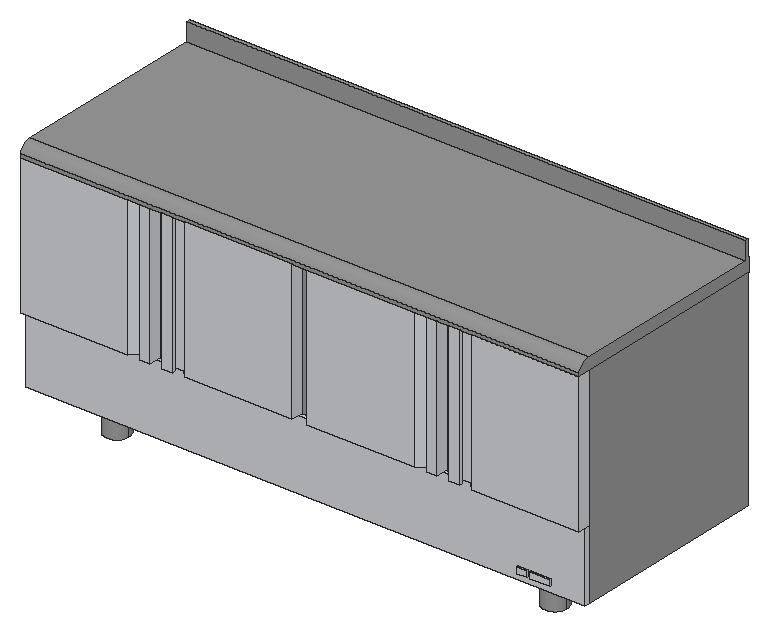
Revit family "Холодильные столы низкотемпературные", category Оборудование, Revit 2020
Family settings
  Размер круглого соединителя = Использовать диаметр
  Классификация = Нет
  Тип детали = Нормальный
  На основе рабочей плоскости = Нет
  Всегда вертикально = Да
  При загрузке вырезать с полостями = Нет
  Общий = Нет
  Точка расчета площади = Нет
Parameters (values of type "TBi4GN-G")
  Ширина = 1850 mm
  Число дверей = 2
  Цена, руб = "94 940"
  Холодильный стол = нержавеющая сталь
  Хладаген = "R404A"
  Условия окр. среды (темп/влажн) = "до +32"
  Тип охлаждения = "динамический"
  Тип оттайки = "авт. с системой исп. конденсата"
  Терморегулятор = "эл. блок"
  Таблица поиска = "ТB"
  Столешница квадр. = no
  Столешница закругл. = yes
  Степень защиты = "IP24"
  Размеры в упоковке, мм = "2000х714х1040"
  Отметка по умолчанию = 0 mm
  Объем, л = "368"
  Нижняя панель упр. = yes
  Нижнее распол. Дверь -2 = yes
  Нижнее распол Дверь -1 = yes
  Напряжение питания = "230.00 В"
  Количество дверей = "4"
  Диап. рабочих темп. = "-18"
  Дверь GC = no
  Дверь G-4 = no
  Дверь G-3 = no
  Дверь G-2 = no
  Дверь G - 1 = no
  Глубина = 700 mm
  Габаритные размеры, мм = "1850х700х850/910"
  Высота = 850 mm
  Вес нетто/брутто, кг = "-"
  Боковая панель упр. (3 решетки) = no
  Боковая панель упр. = no
Reference planes
  plane 1 "По центру (Вперед/Назад)": y = 0
  plane 2: z = 0
  plane 3 "По центру (Влево/Вправо)": x = 0
  plane 4: z = 850
  plane 5: y = -700
  plane 6: z = 910
  plane 7: z = 810
  plane 8: z = 120
  plane 9: y = -10
  plane 10: x = -925
  plane 11: x = 925
  plane 12: x = 585
  plane 13: y = -660
  plane 14: z = 465
  plane 15: x = 725
  plane 16: x = -725
  plane 17: y = -150
  plane 18: y = -550
  plane 19: x = 155
  plane 20: x = -65
  plane 21: x = -495
  plane 22: z = 350
  plane 23: z = 580
  plane 24: x = 677
  plane 25: x = 585
  plane 26: x = 925.013
Forms (mm)
  Extrusion 1, solid, material "нержавеющая сталь" <- "Холодильный стол"
    sketch origin (0, 0, 0) x (0, 1, 0) y (0, 0, 1)
      loop
        line (0, 810) -> (-660, 810) -> (-660, 120) -> (0, 120) -> (0, 810)
    from -925 to 925
  Extrusion 2, solid, material "нержавеющая сталь" <- "Холодильный стол", visible <- "Боковая панель упр."
    sketch origin (0, 0, 0) x (1, 0, 0) y (0, 0, 1)
      loop
        line (585, 810) -> (585, 120) -> (925, 120) -> (925, 810) -> (585, 810)
    from 660 to 700
  Extrusion 3, solid, material "нержавеющая сталь" <- "Холодильный стол", visible <- "Дверь GC"
    sketch origin (325, -95, 0) x (1, 0, 0) y (0, 0, 1)
      loop
        line (260, 120) -> (260, 810) -> (-170, 810) -> (-170, 120) -> (260, 120)
    from 565 to 605
  Extrusion 4, solid, material "нержавеющая сталь" <- "Холодильный стол", visible <- "Дверь GC"
    sketch origin (-105, -95, 0) x (1, 0, 0) y (0, 0, 1)
      loop
        line (260, 120) -> (260, 810) -> (-170, 810) -> (-170, 120) -> (260, 120)
    from 565 to 605
  Extrusion 5, solid, material "нержавеющая сталь" <- "Холодильный стол"
    sketch origin (0, 0, 0) x (1, 0, 0) y (0, 1, 0)
      loop
        circle (-725, -150) r 40
    from 0 to 120
  Extrusion 6, solid, material "нержавеющая сталь" <- "Холодильный стол"
    sketch origin (0, 0, 0) x (1, 0, 0) y (0, 1, 0)
      loop
        circle (725, -150) r 40
    from 0 to 120
  Extrusion 7, solid, material "нержавеющая сталь" <- "Холодильный стол"
    sketch origin (0, 0, 0) x (1, 0, 0) y (0, 1, 0)
      loop
        circle (-725, -550) r 40
    from 0 to 120
  Extrusion 8, solid, material "нержавеющая сталь" <- "Холодильный стол"
    sketch origin (0, 0, 0) x (1, 0, 0) y (0, 1, 0)
      loop
        circle (725, -550) r 40
    from 0 to 120
  Extrusion 9, solid, visible <- "Боковая панель упр.", detail levels medium+fine
    sketch origin (2.568, 0, 10.164) x (1, 0, 0) y (0, 0, 1)
      loop
        line (792.432, 469.836) -> (792.432, 439.836) -> (832.432, 439.836) -> (832.432, 469.836) -> (792.432, 469.836)
    from 700 to 704.018
  Extrusion 10, solid, visible <- "Боковая панель упр.", detail levels medium+fine
    sketch origin (-107.632, 0, 15.164) x (1, 0, 0) y (0, 0, 1)
      loop
        line (762.632, 464.836) -> (762.632, 434.836) -> (867.632, 434.836) -> (867.632, 464.836) -> (762.632, 464.836)
    from 700 to 704.018
  Extrusion 11, void
    sketch origin (325, -95, 0) x (0, 1, 0) y (0, 0, 1)
      loop
        line (-605, 683.028) -> (-572.75, 731.403) -> (-572.75, 743.028) -> (-605, 743.028) -> (-605, 683.028)
    from -100.421 to 190.143
  Extrusion 12, void
    sketch origin (-105, -95, 0) x (0, 1, 0) y (0, 0, 1)
      loop
        line (-605, 683.028) -> (-572.75, 731.403) -> (-572.75, 743.028) -> (-605, 743.028) -> (-605, 683.028)
    from -100.421 to 190.143
  Extrusion 13, solid, material "нержавеющая сталь" <- "Холодильный стол", visible <- "Столешница квадр."
    sketch origin (0, 0, 0) x (0, 1, 0) y (0, 0, 1)
      loop
        line (-700, 810) -> (0, 810) -> (0, 910) -> (-10, 910) -> (-10, 850) -> (-700, 850) -> (-700, 810)
    from -925 to 925
  Extrusion 14, solid, visible <- "Дверь G - 1"
    sketch origin (430, 0, 0) x (1, 0, 0) y (0, 1, 0)
      loop
        line (155, -660) -> (-275, -660) -> (-275, -700) -> (-239.749, -700) -> (-239.749, -690.251) -> (-259.749, -690.251) -> (-259.749, -675.251) -> (-224.749, -675.251) -> (-200, -700) -> (155, -700) -> (155, -660)
    from 120 to 810
  Extrusion 15, solid, material "нержавеющая сталь" <- "Холодильный стол", visible <- "Столешница закругл."
    sketch origin (0, 0, 0) x (0, 1, 0) y (0, 0, 1)
      loop
        line (-700, 810) -> (0, 810) -> (0, 910) -> (-10, 910) -> (-10, 850) -> (-660, 850)
        arc (-660, 850) -> (-684.273, 842.099) -> (-700, 821.992) r 43.733
        line (-700, 821.992) -> (-700, 810)
    from -925 to 925
  Extrusion 16, solid, visible <- "Дверь G-2"
    sketch origin (90, 0, 0) x (-1, 0, 0) y (0, -1, 0)
      loop
        line (365, 660) -> (365, 700) -> (10, 700) -> (-14.749, 675.251) -> (-49.749, 675.251) -> (-49.749, 690.251) -> (-29.749, 690.251) -> (-29.749, 700) -> (-65, 700) -> (-65, 660) -> (365, 660)
    from 120 to 810
  Extrusion 17, solid, visible <- "Дверь G-4"
    sketch origin (-770, 0, 0) x (-1, 0, 0) y (0, -1, 0)
      loop
        line (155, 660) -> (155, 700) -> (-200, 700) -> (-224.749, 675.251) -> (-259.749, 675.251) -> (-259.749, 690.251) -> (-239.749, 690.251) -> (-239.749, 700) -> (-275, 700) -> (-275, 660) -> (155, 660)
    from 120 to 810
  Extrusion 18, solid, visible <- "Дверь G-3"
    sketch origin (-430, 0, 0) x (1, 0, 0) y (0, 1, 0)
      loop
        line (365, -660) -> (-65, -660) -> (-65, -700) -> (-29.749, -700) -> (-29.749, -690.251) -> (-49.749, -690.251) -> (-49.749, -675.251) -> (-14.749, -675.251) -> (10, -700) -> (365, -700) -> (365, -660)
    from 120 to 810
  Extrusion 19, solid, not visible
    sketch origin (0, 0, 0) x (0, 1, 0) y (0, 0, 1)
      loop
        line (-700, 465) -> (-660, 465) -> (-660, 810) -> (-700, 810) -> (-700, 775) -> (-685, 775) -> (-685, 795) -> (-675.251, 795) -> (-675.251, 765) -> (-700, 740.251) -> (-700, 465)
    from 155 to 585
  Extrusion 20, solid, not visible
    sketch origin (-950, 0, 0) x (0, 1, 0) y (0, 0, 1)
      loop
        line (-700, 465) -> (-660, 465) -> (-660, 810) -> (-700, 810) -> (-700, 775) -> (-685, 775) -> (-685, 795) -> (-675.251, 795) -> (-675.251, 765) -> (-700, 740.251) -> (-700, 465)
    from 25 to 455
  Extrusion 21, solid, not visible
    sketch origin (-420, 0, 0) x (0, 1, 0) y (0, 0, 1)
      loop
        line (-700, 465) -> (-660, 465) -> (-660, 810) -> (-700, 810) -> (-700, 775) -> (-685, 775) -> (-685, 795) -> (-675.251, 795) -> (-675.251, 765) -> (-700, 740.251) -> (-700, 465)
    from -75 to 355
  Extrusion 22, solid, material "нержавеющая сталь" <- "Холодильный стол", not visible
    sketch origin (-430, 0, -16.972) x (1, 0, 0) y (0, 0, 1)
      loop
        line (-65, 136.972) -> (-65, 826.972) -> (-495, 826.972) -> (-495, 136.972) -> (-65, 136.972)
    from 660 to 700
  Extrusion 23, solid, visible <- "Нижнее распол Дверь -1"
    sketch origin (770, 0, 0) x (1, 0, 0) y (0, 1, 0)
      loop
        line (155, -660) -> (-275, -660) -> (-275, -700) -> (-239.749, -700) -> (-239.749, -690.251) -> (-259.749, -690.251) -> (-259.749, -675.251) -> (-224.749, -675.251) -> (-200, -700) -> (155, -700) -> (155, -660)
    from 350 to 810
  Extrusion 24, solid, visible <- "Нижнее распол Дверь -1"
    sketch origin (-770, 0, 0) x (-1, 0, 0) y (0, -1, 0)
      loop
        line (155, 660) -> (155, 700) -> (-200, 700) -> (-224.749, 675.251) -> (-259.749, 675.251) -> (-259.749, 690.251) -> (-239.749, 690.251) -> (-239.749, 700) -> (-275, 700) -> (-275, 660) -> (155, 660)
    from 350 to 810
  Extrusion 25, solid, visible <- "Нижнее распол Дверь -1"
    sketch origin (180, 0, 0) x (-1, 0, 0) y (0, -1, 0)
      loop
        line (155, 660) -> (155, 700) -> (-200, 700) -> (-224.749, 675.251) -> (-259.749, 675.251) -> (-259.749, 690.251) -> (-239.749, 690.251) -> (-239.749, 700) -> (-275, 700) -> (-275, 660) -> (155, 660)
    from 350 to 810
  Extrusion 26, solid, visible <- "Нижнее распол. Дверь -2"
    sketch origin (-180, 0, 0) x (1, 0, 0) y (0, 1, 0)
      loop
        line (155, -660) -> (-275, -660) -> (-275, -700) -> (-239.749, -700) -> (-239.749, -690.251) -> (-259.749, -690.251) -> (-259.749, -675.251) -> (-224.749, -675.251) -> (-200, -700) -> (155, -700) -> (155, -660)
    from 350 to 810
  Extrusion 27, solid, visible <- "Нижняя панель упр."
    sketch origin (0, -700, 0) x (1, 0, 0) y (0, 0, 1)
      loop
        line (-925, 350) -> (-925, 120) -> (925, 120) -> (925, 350) -> (-925, 350)
    from -40 to -24.749
  Extrusion 28, solid, visible <- "Нижняя панель упр.", detail levels fine
    sketch origin (0, -700, -22.705) x (1, 0, 0) y (0, 0, 1)
      loop
        line (765, 200) -> (765, 180) -> (831.042, 180) -> (831.042, 200) -> (765, 200)
    from 0 to 4.018
  Extrusion 29, solid, visible <- "Нижняя панель упр.", detail levels fine
    sketch origin (0, -700, -22.705) x (1, 0, 0) y (0, 0, 1)
      loop
        line (722.5, 200) -> (722.5, 180) -> (753.874, 180) -> (753.874, 200) -> (722.5, 200)
    from 0 to 4.018
  Extrusion 30, solid, visible <- "Боковая панель упр. (3 решетки)"
    sketch origin (0, -700, 0) x (1, 0, 0) y (0, 0, 1)
      loop
        line (585, 810) -> (585, 120) -> (925.013, 120) -> (925.013, 810) -> (585, 810)
    from -40 to 0
  Extrusion 31, solid, visible <- "Боковая панель упр. (3 решетки)", detail levels medium+fine
    sketch origin (22, -700, 0) x (1, 0, 0) y (0, 0, 1)
      loop
        line (655, 415) -> (655, 395) -> (753.531, 395) -> (753.531, 415) -> (655, 415)
    from 0 to 4.018
  Extrusion 32, solid, visible <- "Боковая панель упр. (3 решетки)", detail levels medium+fine
    sketch origin (22, -700, 0) x (1, 0, 0) y (0, 0, 1)
      loop
        line (811.123, 395) -> (811.123, 415) -> (791.123, 415) -> (791.123, 395) -> (811.123, 395)
    from 0 to 4.018
Cuts and joins
  Extrusion 11 cuts Extrusion 3
  Extrusion 12 cuts Extrusion 4
Lines and regions (mm)
  model lines, visible <- "Боковая панель упр.", detail levels medium+fine
    curve 1: line (655, -700, 415) -> (655, -700, 165)
    curve 2: line (855, -700, 165) -> (855, -700, 415)
    curve 11: line (655, -700, 760) -> (655, -700, 510)
    curve 12: line (855, -700, 510) -> (855, -700, 760)
  model lines, visible <- "Боковая панель упр.", detail levels fine
    curve 3: line (685, -700, 415) -> (685, -700, 165)
    curve 4: line (697.5, -700, 415) -> (697.5, -700, 165)
    curve 5: line (727.5, -700, 415) -> (727.5, -700, 165)
    curve 6: line (740, -700, 415) -> (740, -700, 165)
    curve 7: line (770, -700, 415) -> (770, -700, 165)
    curve 8: line (782.5, -700, 415) -> (782.5, -700, 165)
    curve 9: line (812.5, -700, 415) -> (812.5, -700, 165)
    curve 10: line (825, -700, 415) -> (825, -700, 165)
    curve 13: line (685, -700, 760) -> (685, -700, 510)
    curve 14: line (697.5, -700, 760) -> (697.5, -700, 510)
    curve 15: line (727.5, -700, 760) -> (727.5, -700, 510)
    curve 16: line (740, -700, 760) -> (740, -700, 510)
    curve 17: line (770, -700, 760) -> (770, -700, 510)
    curve 18: line (782.5, -700, 760) -> (782.5, -700, 510)
    curve 19: line (812.5, -700, 760) -> (812.5, -700, 510)
    curve 20: line (825, -700, 760) -> (825, -700, 510)
    curve 24: line (655, -700, 760) -> (685, -700, 760)
    curve 25: line (697.5, -700, 760) -> (727.5, -700, 760)
    curve 26: line (740, -700, 760) -> (770, -700, 760)
    curve 27: line (782.5, -700, 760) -> (812.5, -700, 760)
    curve 28: line (825, -700, 760) -> (855, -700, 760)
    curve 29: line (655, -700, 750) -> (685, -700, 750)
    curve 30: line (697.5, -700, 750) -> (727.5, -700, 750)
    curve 31: line (740, -700, 750) -> (770, -700, 750)
    curve 32: line (782.5, -700, 750) -> (812.5, -700, 750)
    curve 33: line (825, -700, 750) -> (855, -700, 750)
    curve 34: line (655, -700, 740) -> (685, -700, 740)
    curve 35: line (697.5, -700, 740) -> (727.5, -700, 740)
    curve 36: line (740, -700, 740) -> (770, -700, 740)
    curve 37: line (782.5, -700, 740) -> (812.5, -700, 740)
    curve 38: line (825, -700, 740) -> (855, -700, 740)
    curve 39: line (655, -700, 730) -> (685, -700, 730)
    curve 40: line (697.5, -700, 730) -> (727.5, -700, 730)
    curve 41: line (740, -700, 730) -> (770, -700, 730)
    curve 42: line (782.5, -700, 730) -> (812.5, -700, 730)
    curve 43: line (825, -700, 730) -> (855, -700, 730)
    curve 44: line (655, -700, 720) -> (685, -700, 720)
    curve 45: line (697.5, -700, 720) -> (727.5, -700, 720)
    curve 46: line (740, -700, 720) -> (770, -700, 720)
    curve 47: line (782.5, -700, 720) -> (812.5, -700, 720)
    curve 48: line (825, -700, 720) -> (855, -700, 720)
    curve 49: line (655, -700, 710) -> (685, -700, 710)
    curve 50: line (697.5, -700, 710) -> (727.5, -700, 710)
    curve 51: line (740, -700, 710) -> (770, -700, 710)
    curve 52: line (782.5, -700, 710) -> (812.5, -700, 710)
    curve 53: line (825, -700, 710) -> (855, -700, 710)
    curve 54: line (655, -700, 700) -> (685, -700, 700)
    curve 55: line (697.5, -700, 700) -> (727.5, -700, 700)
    curve 56: line (740, -700, 700) -> (770, -700, 700)
    curve 57: line (782.5, -700, 700) -> (812.5, -700, 700)
    curve 58: line (825, -700, 700) -> (855, -700, 700)
    curve 59: line (655, -700, 690) -> (685, -700, 690)
    curve 60: line (697.5, -700, 690) -> (727.5, -700, 690)
    curve 61: line (740, -700, 690) -> (770, -700, 690)
    curve 62: line (782.5, -700, 690) -> (812.5, -700, 690)
    curve 63: line (825, -700, 690) -> (855, -700, 690)
    curve 64: line (655, -700, 680) -> (685, -700, 680)
    curve 65: line (697.5, -700, 680) -> (727.5, -700, 680)
    curve 66: line (740, -700, 680) -> (770, -700, 680)
    curve 67: line (782.5, -700, 680) -> (812.5, -700, 680)
    curve 68: line (825, -700, 680) -> (855, -700, 680)
    curve 69: line (655, -700, 670) -> (685, -700, 670)
    curve 70: line (697.5, -700, 670) -> (727.5, -700, 670)
    curve 71: line (740, -700, 670) -> (770, -700, 670)
    curve 72: line (782.5, -700, 670) -> (812.5, -700, 670)
    curve 73: line (825, -700, 670) -> (855, -700, 670)
    curve 74: line (655, -700, 660) -> (685, -700, 660)
    curve 75: line (697.5, -700, 660) -> (727.5, -700, 660)
    curve 76: line (740, -700, 660) -> (770, -700, 660)
    curve 77: line (782.5, -700, 660) -> (812.5, -700, 660)
    curve 78: line (825, -700, 660) -> (855, -700, 660)
    curve 79: line (655, -700, 650) -> (685, -700, 650)
    curve 80: line (697.5, -700, 650) -> (727.5, -700, 650)
    curve 81: line (740, -700, 650) -> (770, -700, 650)
    curve 82: line (782.5, -700, 650) -> (812.5, -700, 650)
    curve 83: line (825, -700, 650) -> (855, -700, 650)
    curve 84: line (655, -700, 640) -> (685, -700, 640)
    curve 85: line (697.5, -700, 640) -> (727.5, -700, 640)
    curve 86: line (740, -700, 640) -> (770, -700, 640)
    curve 87: line (782.5, -700, 640) -> (812.5, -700, 640)
    curve 88: line (825, -700, 640) -> (855, -700, 640)
    curve 89: line (655, -700, 630) -> (685, -700, 630)
    curve 90: line (697.5, -700, 630) -> (727.5, -700, 630)
    curve 91: line (740, -700, 630) -> (770, -700, 630)
    curve 92: line (782.5, -700, 630) -> (812.5, -700, 630)
    curve 93: line (825, -700, 630) -> (855, -700, 630)
    curve 94: line (655, -700, 620) -> (685, -700, 620)
    curve 95: line (697.5, -700, 620) -> (727.5, -700, 620)
    curve 96: line (740, -700, 620) -> (770, -700, 620)
    curve 97: line (782.5, -700, 620) -> (812.5, -700, 620)
    curve 98: line (825, -700, 620) -> (855, -700, 620)
    curve 99: line (655, -700, 610) -> (685, -700, 610)
    curve 100: line (697.5, -700, 610) -> (727.5, -700, 610)
    curve 101: line (740, -700, 610) -> (770, -700, 610)
    curve 102: line (782.5, -700, 610) -> (812.5, -700, 610)
    curve 103: line (825, -700, 610) -> (855, -700, 610)
    curve 104: line (655, -700, 600) -> (685, -700, 600)
    curve 105: line (697.5, -700, 600) -> (727.5, -700, 600)
    curve 106: line (740, -700, 600) -> (770, -700, 600)
    curve 107: line (782.5, -700, 600) -> (812.5, -700, 600)
    curve 108: line (825, -700, 600) -> (855, -700, 600)
    curve 109: line (655, -700, 590) -> (685, -700, 590)
    curve 110: line (697.5, -700, 590) -> (727.5, -700, 590)
    curve 111: line (740, -700, 590) -> (770, -700, 590)
    curve 112: line (782.5, -700, 590) -> (812.5, -700, 590)
    curve 113: line (825, -700, 590) -> (855, -700, 590)
    curve 114: line (655, -700, 580) -> (685, -700, 580)
    curve 115: line (697.5, -700, 580) -> (727.5, -700, 580)
    curve 116: line (740, -700, 580) -> (770, -700, 580)
    curve 117: line (782.5, -700, 580) -> (812.5, -700, 580)
    curve 118: line (825, -700, 580) -> (855, -700, 580)
    curve 119: line (655, -700, 570) -> (685, -700, 570)
    curve 120: line (697.5, -700, 570) -> (727.5, -700, 570)
    curve 121: line (740, -700, 570) -> (770, -700, 570)
    curve 122: line (782.5, -700, 570) -> (812.5, -700, 570)
    curve 123: line (825, -700, 570) -> (855, -700, 570)
    curve 124: line (655, -700, 560) -> (685, -700, 560)
    curve 125: line (697.5, -700, 560) -> (727.5, -700, 560)
    curve 126: line (740, -700, 560) -> (770, -700, 560)
    curve 127: line (782.5, -700, 560) -> (812.5, -700, 560)
    curve 128: line (825, -700, 560) -> (855, -700, 560)
    curve 129: line (655, -700, 550) -> (685, -700, 550)
    curve 130: line (697.5, -700, 550) -> (727.5, -700, 550)
    curve 131: line (740, -700, 550) -> (770, -700, 550)
    curve 132: line (782.5, -700, 550) -> (812.5, -700, 550)
    curve 133: line (825, -700, 550) -> (855, -700, 550)
    curve 134: line (655, -700, 540) -> (685, -700, 540)
    curve 135: line (697.5, -700, 540) -> (727.5, -700, 540)
    curve 136: line (740, -700, 540) -> (770, -700, 540)
    curve 137: line (782.5, -700, 540) -> (812.5, -700, 540)
    curve 138: line (825, -700, 540) -> (855, -700, 540)
    curve 139: line (655, -700, 530) -> (685, -700, 530)
    curve 140: line (697.5, -700, 530) -> (727.5, -700, 530)
    curve 141: line (740, -700, 530) -> (770, -700, 530)
    curve 142: line (782.5, -700, 530) -> (812.5, -700, 530)
    curve 143: line (825, -700, 530) -> (855, -700, 530)
    curve 144: line (655, -700, 520) -> (685, -700, 520)
    curve 145: line (697.5, -700, 520) -> (727.5, -700, 520)
    curve 146: line (740, -700, 520) -> (770, -700, 520)
    curve 147: line (782.5, -700, 520) -> (812.5, -700, 520)
    curve 148: line (825, -700, 520) -> (855, -700, 520)
    curve 149: line (655, -700, 510) -> (685, -700, 510)
    curve 150: line (697.5, -700, 510) -> (727.5, -700, 510)
    curve 151: line (740, -700, 510) -> (770, -700, 510)
    curve 152: line (782.5, -700, 510) -> (812.5, -700, 510)
    curve 153: line (825, -700, 510) -> (855, -700, 510)
    curve 154: line (655, -700, 415) -> (685, -700, 415)
    curve 155: line (697.5, -700, 415) -> (727.5, -700, 415)
    curve 156: line (740, -700, 415) -> (770, -700, 415)
    curve 157: line (782.5, -700, 415) -> (812.5, -700, 415)
    curve 158: line (825, -700, 415) -> (855, -700, 415)
    curve 159: line (655, -700, 405) -> (685, -700, 405)
    curve 160: line (697.5, -700, 405) -> (727.5, -700, 405)
    curve 161: line (740, -700, 405) -> (770, -700, 405)
    curve 162: line (782.5, -700, 405) -> (812.5, -700, 405)
    curve 163: line (825, -700, 405) -> (855, -700, 405)
    curve 164: line (655, -700, 395) -> (685, -700, 395)
    curve 165: line (697.5, -700, 395) -> (727.5, -700, 395)
    curve 166: line (740, -700, 395) -> (770, -700, 395)
    curve 167: line (782.5, -700, 395) -> (812.5, -700, 395)
    curve 168: line (825, -700, 395) -> (855, -700, 395)
    curve 169: line (655, -700, 385) -> (685, -700, 385)
    curve 170: line (697.5, -700, 385) -> (727.5, -700, 385)
    curve 171: line (740, -700, 385) -> (770, -700, 385)
    curve 172: line (782.5, -700, 385) -> (812.5, -700, 385)
    curve 173: line (825, -700, 385) -> (855, -700, 385)
    curve 174: line (655, -700, 375) -> (685, -700, 375)
    curve 175: line (697.5, -700, 375) -> (727.5, -700, 375)
    curve 176: line (740, -700, 375) -> (770, -700, 375)
    curve 177: line (782.5, -700, 375) -> (812.5, -700, 375)
    curve 178: line (825, -700, 375) -> (855, -700, 375)
    curve 179: line (655, -700, 365) -> (685, -700, 365)
    curve 180: line (697.5, -700, 365) -> (727.5, -700, 365)
    curve 181: line (740, -700, 365) -> (770, -700, 365)
    curve 182: line (782.5, -700, 365) -> (812.5, -700, 365)
    curve 183: line (825, -700, 365) -> (855, -700, 365)
    curve 184: line (655, -700, 355) -> (685, -700, 355)
    curve 185: line (697.5, -700, 355) -> (727.5, -700, 355)
    curve 186: line (740, -700, 355) -> (770, -700, 355)
    curve 187: line (782.5, -700, 355) -> (812.5, -700, 355)
    curve 188: line (825, -700, 355) -> (855, -700, 355)
    curve 189: line (655, -700, 345) -> (685, -700, 345)
    curve 190: line (697.5, -700, 345) -> (727.5, -700, 345)
    curve 191: line (740, -700, 345) -> (770, -700, 345)
    curve 192: line (782.5, -700, 345) -> (812.5, -700, 345)
    curve 193: line (825, -700, 345) -> (855, -700, 345)
    curve 194: line (655, -700, 335) -> (685, -700, 335)
    curve 195: line (697.5, -700, 335) -> (727.5, -700, 335)
    curve 196: line (740, -700, 335) -> (770, -700, 335)
    curve 197: line (782.5, -700, 335) -> (812.5, -700, 335)
    curve 198: line (825, -700, 335) -> (855, -700, 335)
    curve 199: line (655, -700, 325) -> (685, -700, 325)
    curve 200: line (697.5, -700, 325) -> (727.5, -700, 325)
    curve 201: line (740, -700, 325) -> (770, -700, 325)
    curve 202: line (782.5, -700, 325) -> (812.5, -700, 325)
    curve 203: line (825, -700, 325) -> (855, -700, 325)
    curve 204: line (655, -700, 315) -> (685, -700, 315)
    curve 205: line (697.5, -700, 315) -> (727.5, -700, 315)
    curve 206: line (740, -700, 315) -> (770, -700, 315)
    curve 207: line (782.5, -700, 315) -> (812.5, -700, 315)
    curve 208: line (825, -700, 315) -> (855, -700, 315)
    curve 209: line (655, -700, 305) -> (685, -700, 305)
    curve 210: line (697.5, -700, 305) -> (727.5, -700, 305)
    curve 211: line (740, -700, 305) -> (770, -700, 305)
    curve 212: line (782.5, -700, 305) -> (812.5, -700, 305)
    curve 213: line (825, -700, 305) -> (855, -700, 305)
    curve 214: line (655, -700, 295) -> (685, -700, 295)
    curve 215: line (697.5, -700, 295) -> (727.5, -700, 295)
    curve 216: line (740, -700, 295) -> (770, -700, 295)
    curve 217: line (782.5, -700, 295) -> (812.5, -700, 295)
    curve 218: line (825, -700, 295) -> (855, -700, 295)
    curve 219: line (655, -700, 285) -> (685, -700, 285)
    curve 220: line (697.5, -700, 285) -> (727.5, -700, 285)
    curve 221: line (740, -700, 285) -> (770, -700, 285)
    curve 222: line (782.5, -700, 285) -> (812.5, -700, 285)
    curve 223: line (825, -700, 285) -> (855, -700, 285)
    curve 224: line (655, -700, 275) -> (685, -700, 275)
    curve 225: line (697.5, -700, 275) -> (727.5, -700, 275)
    curve 226: line (740, -700, 275) -> (770, -700, 275)
    curve 227: line (782.5, -700, 275) -> (812.5, -700, 275)
    curve 228: line (825, -700, 275) -> (855, -700, 275)
    curve 229: line (655, -700, 265) -> (685, -700, 265)
    curve 230: line (697.5, -700, 265) -> (727.5, -700, 265)
    curve 231: line (740, -700, 265) -> (770, -700, 265)
    curve 232: line (782.5, -700, 265) -> (812.5, -700, 265)
    curve 233: line (825, -700, 265) -> (855, -700, 265)
    curve 234: line (655, -700, 255) -> (685, -700, 255)
    curve 235: line (697.5, -700, 255) -> (727.5, -700, 255)
    curve 236: line (740, -700, 255) -> (770, -700, 255)
    curve 237: line (782.5, -700, 255) -> (812.5, -700, 255)
    curve 238: line (825, -700, 255) -> (855, -700, 255)
    curve 239: line (655, -700, 245) -> (685, -700, 245)
    curve 240: line (697.5, -700, 245) -> (727.5, -700, 245)
    curve 241: line (740, -700, 245) -> (770, -700, 245)
    curve 242: line (782.5, -700, 245) -> (812.5, -700, 245)
    curve 243: line (825, -700, 245) -> (855, -700, 245)
    curve 244: line (655, -700, 235) -> (685, -700, 235)
    curve 245: line (697.5, -700, 235) -> (727.5, -700, 235)
    curve 246: line (740, -700, 235) -> (770, -700, 235)
    curve 247: line (782.5, -700, 235) -> (812.5, -700, 235)
    curve 248: line (825, -700, 235) -> (855, -700, 235)
    curve 249: line (655, -700, 225) -> (685, -700, 225)
    curve 250: line (697.5, -700, 225) -> (727.5, -700, 225)
    curve 251: line (740, -700, 225) -> (770, -700, 225)
    curve 252: line (782.5, -700, 225) -> (812.5, -700, 225)
    curve 253: line (825, -700, 225) -> (855, -700, 225)
    curve 254: line (655, -700, 215) -> (685, -700, 215)
    curve 255: line (697.5, -700, 215) -> (727.5, -700, 215)
    curve 256: line (740, -700, 215) -> (770, -700, 215)
    curve 257: line (782.5, -700, 215) -> (812.5, -700, 215)
    curve 258: line (825, -700, 215) -> (855, -700, 215)
    curve 259: line (655, -700, 205) -> (685, -700, 205)
    curve 260: line (697.5, -700, 205) -> (727.5, -700, 205)
    curve 261: line (740, -700, 205) -> (770, -700, 205)
    curve 262: line (782.5, -700, 205) -> (812.5, -700, 205)
    curve 263: line (825, -700, 205) -> (855, -700, 205)
    curve 264: line (655, -700, 195) -> (685, -700, 195)
    curve 265: line (697.5, -700, 195) -> (727.5, -700, 195)
    curve 266: line (740, -700, 195) -> (770, -700, 195)
    curve 267: line (782.5, -700, 195) -> (812.5, -700, 195)
    curve 268: line (825, -700, 195) -> (855, -700, 195)
    curve 269: line (655, -700, 185) -> (685, -700, 185)
    curve 270: line (697.5, -700, 185) -> (727.5, -700, 185)
    curve 271: line (740, -700, 185) -> (770, -700, 185)
    curve 272: line (782.5, -700, 185) -> (812.5, -700, 185)
    curve 273: line (825, -700, 185) -> (855, -700, 185)
    curve 274: line (655, -700, 175) -> (685, -700, 175)
    curve 275: line (697.5, -700, 175) -> (727.5, -700, 175)
    curve 276: line (740, -700, 175) -> (770, -700, 175)
    curve 277: line (782.5, -700, 175) -> (812.5, -700, 175)
    curve 278: line (825, -700, 175) -> (855, -700, 175)
    curve 279: line (655, -700, 165) -> (685, -700, 165)
    curve 280: line (697.5, -700, 165) -> (727.5, -700, 165)
    curve 281: line (740, -700, 165) -> (770, -700, 165)
    curve 282: line (782.5, -700, 165) -> (812.5, -700, 165)
    curve 283: line (825, -700, 165) -> (855, -700, 165)
    curve 285: line (655, -700, 510) -> (685, -700, 510)
  model lines, visible <- "Боковая панель упр.", detail levels medium
    curve 21: line (655, -700, 415) -> (855, -700, 415)
    curve 22: line (655, -700, 165) -> (855, -700, 165)
    curve 23: line (655, -700, 760) -> (855, -700, 760)
    curve 284: line (655, -700, 510) -> (855, -700, 510)
  model lines, visible <- "Нижняя панель упр.", detail levels fine
    curve 286: line (123, -675.251, 330) -> (153, -675.251, 330)
    curve 287: line (165.5, -675.251, 330) -> (195.5, -675.251, 330)
    curve 288: line (208, -675.251, 330) -> (238, -675.251, 330)
    curve 289: line (250.5, -675.251, 330) -> (280.5, -675.251, 330)
    curve 290: line (293, -675.251, 330) -> (323, -675.251, 330)
    curve 291: line (138, -675.251, 320) -> (168, -675.251, 320)
    curve 292: line (180.5, -675.251, 320) -> (210.5, -675.251, 320)
    curve 293: line (223, -675.251, 320) -> (253, -675.251, 320)
    curve 294: line (265.5, -675.251, 320) -> (295.5, -675.251, 320)
    curve 295: line (308, -675.251, 320) -> (338, -675.251, 320)
    curve 296: line (153, -675.251, 310) -> (183, -675.251, 310)
    curve 297: line (195.5, -675.251, 310) -> (225.5, -675.251, 310)
    curve 298: line (238, -675.251, 310) -> (268, -675.251, 310)
    curve 299: line (280.5, -675.251, 310) -> (310.5, -675.251, 310)
    curve 300: line (323, -675.251, 310) -> (353, -675.251, 310)
    curve 301: line (138, -675.251, 300) -> (168, -675.251, 300)
    curve 302: line (180.5, -675.251, 300) -> (210.5, -675.251, 300)
    curve 303: line (223, -675.251, 300) -> (253, -675.251, 300)
    curve 304: line (265.5, -675.251, 300) -> (295.5, -675.251, 300)
    curve 305: line (308, -675.251, 300) -> (338, -675.251, 300)
    curve 306: line (123, -675.251, 290) -> (153, -675.251, 290)
    curve 307: line (165.5, -675.251, 290) -> (195.5, -675.251, 290)
    curve 308: line (208, -675.251, 290) -> (238, -675.251, 290)
    curve 309: line (250.5, -675.251, 290) -> (280.5, -675.251, 290)
    curve 310: line (293, -675.251, 290) -> (323, -675.251, 290)
    curve 311: line (138, -675.251, 280) -> (168, -675.251, 280)
    curve 312: line (180.5, -675.251, 280) -> (210.5, -675.251, 280)
    curve 313: line (223, -675.251, 280) -> (253, -675.251, 280)
    curve 314: line (265.5, -675.251, 280) -> (295.5, -675.251, 280)
    curve 315: line (308, -675.251, 280) -> (338, -675.251, 280)
    curve 316: line (153, -675.251, 270) -> (183, -675.251, 270)
    curve 317: line (195.5, -675.251, 270) -> (225.5, -675.251, 270)
    curve 318: line (238, -675.251, 270) -> (268, -675.251, 270)
    curve 319: line (280.5, -675.251, 270) -> (310.5, -675.251, 270)
    curve 320: line (323, -675.251, 270) -> (353, -675.251, 270)
    curve 321: line (138, -675.251, 260) -> (168, -675.251, 260)
    curve 322: line (180.5, -675.251, 260) -> (210.5, -675.251, 260)
    curve 323: line (223, -675.251, 260) -> (253, -675.251, 260)
    curve 324: line (265.5, -675.251, 260) -> (295.5, -675.251, 260)
    curve 325: line (308, -675.251, 260) -> (338, -675.251, 260)
    curve 326: line (123, -675.251, 250) -> (153, -675.251, 250)
    curve 327: line (165.5, -675.251, 250) -> (195.5, -675.251, 250)
    curve 328: line (208, -675.251, 250) -> (238, -675.251, 250)
    curve 329: line (250.5, -675.251, 250) -> (280.5, -675.251, 250)
    curve 330: line (293, -675.251, 250) -> (323, -675.251, 250)
    curve 331: line (138, -675.251, 240) -> (168, -675.251, 240)
    curve 332: line (180.5, -675.251, 240) -> (210.5, -675.251, 240)
    curve 333: line (223, -675.251, 240) -> (253, -675.251, 240)
    curve 334: line (265.5, -675.251, 240) -> (295.5, -675.251, 240)
    curve 335: line (308, -675.251, 240) -> (338, -675.251, 240)
    curve 336: line (153, -675.251, 230) -> (183, -675.251, 230)
    curve 337: line (195.5, -675.251, 230) -> (225.5, -675.251, 230)
    curve 338: line (238, -675.251, 230) -> (268, -675.251, 230)
    curve 339: line (280.5, -675.251, 230) -> (310.5, -675.251, 230)
    curve 340: line (323, -675.251, 230) -> (353, -675.251, 230)
    curve 341: line (138, -675.251, 220) -> (168, -675.251, 220)
    curve 342: line (180.5, -675.251, 220) -> (210.5, -675.251, 220)
    curve 343: line (223, -675.251, 220) -> (253, -675.251, 220)
    curve 344: line (265.5, -675.251, 220) -> (295.5, -675.251, 220)
    curve 345: line (308, -675.251, 220) -> (338, -675.251, 220)
    curve 346: line (123, -675.251, 210) -> (153, -675.251, 210)
    curve 347: line (165.5, -675.251, 210) -> (195.5, -675.251, 210)
    curve 348: line (208, -675.251, 210) -> (238, -675.251, 210)
    curve 349: line (250.5, -675.251, 210) -> (280.5, -675.251, 210)
    curve 350: line (293, -675.251, 210) -> (323, -675.251, 210)
    curve 351: line (138, -675.251, 200) -> (168, -675.251, 200)
    curve 352: line (180.5, -675.251, 200) -> (210.5, -675.251, 200)
    curve 353: line (223, -675.251, 200) -> (253, -675.251, 200)
    curve 354: line (265.5, -675.251, 200) -> (295.5, -675.251, 200)
    curve 355: line (308, -675.251, 200) -> (338, -675.251, 200)
    curve 356: line (153, -675.251, 190) -> (183, -675.251, 190)
    curve 357: line (195.5, -675.251, 190) -> (225.5, -675.251, 190)
    curve 358: line (238, -675.251, 190) -> (268, -675.251, 190)
    curve 359: line (280.5, -675.251, 190) -> (310.5, -675.251, 190)
    curve 360: line (323, -675.251, 190) -> (353, -675.251, 190)
    curve 361: line (138, -675.251, 180) -> (168, -675.251, 180)
    curve 362: line (180.5, -675.251, 180) -> (210.5, -675.251, 180)
    curve 363: line (223, -675.251, 180) -> (253, -675.251, 180)
    curve 364: line (265.5, -675.251, 180) -> (295.5, -675.251, 180)
    curve 365: line (308, -675.251, 180) -> (338, -675.251, 180)
    curve 366: line (123, -675.251, 170) -> (153, -675.251, 170)
    curve 367: line (165.5, -675.251, 170) -> (195.5, -675.251, 170)
    curve 368: line (208, -675.251, 170) -> (238, -675.251, 170)
    curve 369: line (250.5, -675.251, 170) -> (280.5, -675.251, 170)
    curve 370: line (293, -675.251, 170) -> (323, -675.251, 170)
    curve 371: line (138, -675.251, 160) -> (168, -675.251, 160)
    curve 372: line (180.5, -675.251, 160) -> (210.5, -675.251, 160)
    curve 373: line (223, -675.251, 160) -> (253, -675.251, 160)
    curve 374: line (265.5, -675.251, 160) -> (295.5, -675.251, 160)
    curve 375: line (308, -675.251, 160) -> (338, -675.251, 160)
    curve 376: line (153, -675.251, 150) -> (183, -675.251, 150)
    curve 377: line (195.5, -675.251, 150) -> (225.5, -675.251, 150)
    curve 378: line (238, -675.251, 150) -> (268, -675.251, 150)
    curve 379: line (280.5, -675.251, 150) -> (310.5, -675.251, 150)
    curve 380: line (323, -675.251, 150) -> (353, -675.251, 150)
    curve 381: line (138, -675.251, 140) -> (168, -675.251, 140)
    curve 382: line (180.5, -675.251, 140) -> (210.5, -675.251, 140)
    curve 383: line (223, -675.251, 140) -> (253, -675.251, 140)
    curve 384: line (265.5, -675.251, 140) -> (295.5, -675.251, 140)
    curve 385: line (308, -675.251, 140) -> (338, -675.251, 140)
    curve 390: line (80, -675.251, 330) -> (110, -675.251, 330)
    curve 391: line (95, -675.251, 320) -> (125, -675.251, 320)
    curve 392: line (110, -675.251, 310) -> (140, -675.251, 310)
    curve 393: line (95, -675.251, 300) -> (125, -675.251, 300)
    curve 394: line (80, -675.251, 290) -> (110, -675.251, 290)
    curve 395: line (95, -675.251, 280) -> (125, -675.251, 280)
    curve 396: line (110, -675.251, 270) -> (140, -675.251, 270)
    curve 397: line (95, -675.251, 260) -> (125, -675.251, 260)
    curve 398: line (80, -675.251, 250) -> (110, -675.251, 250)
    curve 399: line (95, -675.251, 240) -> (125, -675.251, 240)
    curve 400: line (110, -675.251, 230) -> (140, -675.251, 230)
    curve 401: line (95, -675.251, 220) -> (125, -675.251, 220)
    curve 402: line (80, -675.251, 210) -> (110, -675.251, 210)
    curve 403: line (95, -675.251, 200) -> (125, -675.251, 200)
    curve 404: line (110, -675.251, 190) -> (140, -675.251, 190)
    curve 405: line (95, -675.251, 180) -> (125, -675.251, 180)
    curve 406: line (80, -675.251, 170) -> (110, -675.251, 170)
    curve 407: line (95, -675.251, 160) -> (125, -675.251, 160)
    curve 408: line (110, -675.251, 150) -> (140, -675.251, 150)
    curve 409: line (95, -675.251, 140) -> (125, -675.251, 140)
    curve 410: line (628.251, -675.251, 330) -> (658.251, -675.251, 330)
    curve 411: line (670.751, -675.251, 330) -> (700.751, -675.251, 330)
    curve 412: line (713.251, -675.251, 330) -> (743.251, -675.251, 330)
    curve 413: line (755.751, -675.251, 330) -> (785.751, -675.251, 330)
    curve 414: line (798.251, -675.251, 330) -> (828.251, -675.251, 330)
    curve 415: line (643.251, -675.251, 320) -> (673.251, -675.251, 320)
    curve 416: line (685.751, -675.251, 320) -> (715.751, -675.251, 320)
    curve 417: line (728.251, -675.251, 320) -> (758.251, -675.251, 320)
    curve 418: line (770.751, -675.251, 320) -> (800.751, -675.251, 320)
    curve 419: line (813.251, -675.251, 320) -> (843.251, -675.251, 320)
    curve 420: line (658.251, -675.251, 310) -> (688.251, -675.251, 310)
    curve 421: line (700.751, -675.251, 310) -> (730.751, -675.251, 310)
    curve 422: line (743.251, -675.251, 310) -> (773.251, -675.251, 310)
    curve 423: line (785.751, -675.251, 310) -> (815.751, -675.251, 310)
    curve 424: line (828.251, -675.251, 310) -> (858.251, -675.251, 310)
    curve 425: line (643.251, -675.251, 300) -> (673.251, -675.251, 300)
    curve 426: line (685.751, -675.251, 300) -> (715.751, -675.251, 300)
    curve 427: line (728.251, -675.251, 300) -> (758.251, -675.251, 300)
    curve 428: line (770.751, -675.251, 300) -> (800.751, -675.251, 300)
    curve 429: line (813.251, -675.251, 300) -> (843.251, -675.251, 300)
    curve 430: line (628.251, -675.251, 290) -> (658.251, -675.251, 290)
    curve 431: line (670.751, -675.251, 290) -> (700.751, -675.251, 290)
    curve 432: line (713.251, -675.251, 290) -> (743.251, -675.251, 290)
    curve 433: line (755.751, -675.251, 290) -> (785.751, -675.251, 290)
    curve 434: line (798.251, -675.251, 290) -> (828.251, -675.251, 290)
    curve 435: line (643.251, -675.251, 280) -> (673.251, -675.251, 280)
    curve 436: line (685.751, -675.251, 280) -> (715.751, -675.251, 280)
    curve 437: line (728.251, -675.251, 280) -> (758.251, -675.251, 280)
    curve 438: line (770.751, -675.251, 280) -> (800.751, -675.251, 280)
    curve 439: line (813.251, -675.251, 280) -> (843.251, -675.251, 280)
    curve 440: line (658.251, -675.251, 270) -> (688.251, -675.251, 270)
    curve 441: line (700.751, -675.251, 270) -> (730.751, -675.251, 270)
    curve 442: line (743.251, -675.251, 270) -> (773.251, -675.251, 270)
    curve 443: line (785.751, -675.251, 270) -> (815.751, -675.251, 270)
    curve 444: line (828.251, -675.251, 270) -> (858.251, -675.251, 270)
    curve 445: line (643.251, -675.251, 260) -> (673.251, -675.251, 260)
    curve 446: line (685.751, -675.251, 260) -> (715.751, -675.251, 260)
    curve 447: line (728.251, -675.251, 260) -> (758.251, -675.251, 260)
    curve 448: line (770.751, -675.251, 260) -> (800.751, -675.251, 260)
    curve 449: line (813.251, -675.251, 260) -> (843.251, -675.251, 260)
    curve 450: line (628.251, -675.251, 250) -> (658.251, -675.251, 250)
    curve 451: line (670.751, -675.251, 250) -> (700.751, -675.251, 250)
    curve 452: line (713.251, -675.251, 250) -> (743.251, -675.251, 250)
    curve 453: line (755.751, -675.251, 250) -> (785.751, -675.251, 250)
    curve 454: line (798.251, -675.251, 250) -> (828.251, -675.251, 250)
    curve 455: line (643.251, -675.251, 240) -> (673.251, -675.251, 240)
    curve 456: line (685.751, -675.251, 240) -> (715.751, -675.251, 240)
    curve 457: line (728.251, -675.251, 240) -> (758.251, -675.251, 240)
    curve 458: line (770.751, -675.251, 240) -> (800.751, -675.251, 240)
    curve 459: line (813.251, -675.251, 240) -> (843.251, -675.251, 240)
    curve 460: line (658.251, -675.251, 230) -> (688.251, -675.251, 230)
    curve 461: line (700.751, -675.251, 230) -> (730.751, -675.251, 230)
    curve 462: line (743.251, -675.251, 230) -> (773.251, -675.251, 230)
    curve 463: line (785.751, -675.251, 230) -> (815.751, -675.251, 230)
    curve 464: line (828.251, -675.251, 230) -> (858.251, -675.251, 230)
    curve 465: line (643.251, -675.251, 220) -> (673.251, -675.251, 220)
    curve 466: line (685.751, -675.251, 220) -> (715.751, -675.251, 220)
    curve 467: line (728.251, -675.251, 220) -> (758.251, -675.251, 220)
    curve 468: line (770.751, -675.251, 220) -> (800.751, -675.251, 220)
    curve 469: line (813.251, -675.251, 220) -> (843.251, -675.251, 220)
    curve 470: line (628.251, -675.251, 210) -> (658.251, -675.251, 210)
    curve 471: line (670.751, -675.251, 210) -> (700.751, -675.251, 210)
    curve 472: line (713.251, -675.251, 210) -> (743.251, -675.251, 210)
    curve 473: line (755.751, -675.251, 210) -> (785.751, -675.251, 210)
    curve 474: line (798.251, -675.251, 210) -> (828.251, -675.251, 210)
    curve 475: line (643.251, -675.251, 200) -> (673.251, -675.251, 200)
    curve 476: line (685.751, -675.251, 200) -> (715.751, -675.251, 200)
    curve 477: line (728.251, -675.251, 200) -> (758.251, -675.251, 200)
    curve 478: line (770.751, -675.251, 200) -> (800.751, -675.251, 200)
    curve 479: line (813.251, -675.251, 200) -> (843.251, -675.251, 200)
    curve 480: line (658.251, -675.251, 190) -> (688.251, -675.251, 190)
    curve 481: line (700.751, -675.251, 190) -> (730.751, -675.251, 190)
    curve 482: line (743.251, -675.251, 190) -> (773.251, -675.251, 190)
    curve 483: line (785.751, -675.251, 190) -> (815.751, -675.251, 190)
    curve 484: line (828.251, -675.251, 190) -> (858.251, -675.251, 190)
    curve 485: line (643.251, -675.251, 180) -> (673.251, -675.251, 180)
    curve 486: line (685.751, -675.251, 180) -> (715.751, -675.251, 180)
    curve 487: line (728.251, -675.251, 180) -> (758.251, -675.251, 180)
    curve 488: line (770.751, -675.251, 180) -> (800.751, -675.251, 180)
    curve 489: line (813.251, -675.251, 180) -> (843.251, -675.251, 180)
    curve 490: line (628.251, -675.251, 170) -> (658.251, -675.251, 170)
    curve 491: line (670.751, -675.251, 170) -> (700.751, -675.251, 170)
    curve 492: line (713.251, -675.251, 170) -> (743.251, -675.251, 170)
    curve 493: line (755.751, -675.251, 170) -> (785.751, -675.251, 170)
    curve 494: line (798.251, -675.251, 170) -> (828.251, -675.251, 170)
    curve 495: line (643.251, -675.251, 160) -> (673.251, -675.251, 160)
    curve 496: line (685.751, -675.251, 160) -> (715.751, -675.251, 160)
    curve 497: line (728.251, -675.251, 160) -> (758.251, -675.251, 160)
    curve 498: line (770.751, -675.251, 160) -> (800.751, -675.251, 160)
    curve 499: line (813.251, -675.251, 160) -> (843.251, -675.251, 160)
    curve 500: line (658.251, -675.251, 150) -> (688.251, -675.251, 150)
    curve 501: line (700.751, -675.251, 150) -> (730.751, -675.251, 150)
    curve 502: line (743.251, -675.251, 150) -> (773.251, -675.251, 150)
    curve 503: line (785.751, -675.251, 150) -> (815.751, -675.251, 150)
    curve 504: line (828.251, -675.251, 150) -> (858.251, -675.251, 150)
    curve 505: line (643.251, -675.251, 140) -> (673.251, -675.251, 140)
    curve 506: line (685.751, -675.251, 140) -> (715.751, -675.251, 140)
    curve 507: line (728.251, -675.251, 140) -> (758.251, -675.251, 140)
    curve 508: line (770.751, -675.251, 140) -> (800.751, -675.251, 140)
    curve 509: line (813.251, -675.251, 140) -> (843.251, -675.251, 140)
    curve 514: line (585.251, -675.251, 330) -> (615.251, -675.251, 330)
    curve 515: line (600.251, -675.251, 320) -> (630.251, -675.251, 320)
    curve 516: line (615.251, -675.251, 310) -> (645.251, -675.251, 310)
    curve 517: line (600.251, -675.251, 300) -> (630.251, -675.251, 300)
    curve 518: line (585.251, -675.251, 290) -> (615.251, -675.251, 290)
    curve 519: line (600.251, -675.251, 280) -> (630.251, -675.251, 280)
    curve 520: line (615.251, -675.251, 270) -> (645.251, -675.251, 270)
    curve 521: line (600.251, -675.251, 260) -> (630.251, -675.251, 260)
    curve 522: line (585.251, -675.251, 250) -> (615.251, -675.251, 250)
    curve 523: line (600.251, -675.251, 240) -> (630.251, -675.251, 240)
    curve 524: line (615.251, -675.251, 230) -> (645.251, -675.251, 230)
    curve 525: line (600.251, -675.251, 220) -> (630.251, -675.251, 220)
    curve 526: line (585.251, -675.251, 210) -> (615.251, -675.251, 210)
    curve 527: line (600.251, -675.251, 200) -> (630.251, -675.251, 200)
    curve 528: line (615.251, -675.251, 190) -> (645.251, -675.251, 190)
    curve 529: line (600.251, -675.251, 180) -> (630.251, -675.251, 180)
    curve 530: line (585.251, -675.251, 170) -> (615.251, -675.251, 170)
    curve 531: line (600.251, -675.251, 160) -> (630.251, -675.251, 160)
    curve 532: line (615.251, -675.251, 150) -> (645.251, -675.251, 150)
    curve 533: line (600.251, -675.251, 140) -> (630.251, -675.251, 140)
  model lines, visible <- "Нижняя панель упр.", detail levels medium
    curve 386: line (80, -675.251, 330) -> (353, -675.251, 330)
    curve 387: line (80, -675.251, 140) -> (80, -675.251, 330)
    curve 388: line (353, -675.251, 140) -> (80, -675.251, 140)
    curve 389: line (353, -675.251, 330) -> (353, -675.251, 140)
    curve 510: line (585.251, -675.251, 330) -> (858.251, -675.251, 330)
    curve 511: line (585.251, -675.251, 140) -> (585.251, -675.251, 330)
    curve 512: line (858.251, -675.251, 140) -> (585.251, -675.251, 140)
    curve 513: line (858.251, -675.251, 330) -> (858.251, -675.251, 140)
  model lines, visible <- "Боковая панель упр. (3 решетки)", detail levels medium
    curve 534: line (677, -700, 350) -> (833.123, -700, 350)
    curve 536: line (833.123, -700, 190) -> (677, -700, 190)
    curve 538: line (623, -700, 600) -> (887.001, -700, 600)
    curve 540: line (887.001, -700, 450) -> (623, -700, 450)
    curve 542: line (623, -700, 771.567) -> (887.013, -700, 771.567)
    curve 543: line (623, -700, 622) -> (623, -700, 771.567)
    curve 544: line (887.013, -700, 622) -> (623, -700, 622)
    curve 545: line (887.013, -700, 771.567) -> (887.013, -700, 622)
  model lines, visible <- "Боковая панель упр. (3 решетки)", detail levels medium+fine
    curve 535: line (677, -700, 190) -> (677, -700, 350)
    curve 537: line (833, -700, 350) -> (833, -700, 190)
    curve 539: line (623, -700, 450) -> (623, -700, 600)
    curve 541: line (887.001, -700, 600) -> (887.001, -700, 450)
  model lines, visible <- "Боковая панель упр. (3 решетки)", detail levels fine
    curve 546: line (677, -700, 350) -> (697, -700, 350)
    curve 547: line (677, -700, 340) -> (697, -700, 340)
    curve 548: line (677, -700, 330) -> (697, -700, 330)
    curve 549: line (677, -700, 320) -> (697, -700, 320)
    curve 550: line (677, -700, 310) -> (697, -700, 310)
    curve 551: line (677, -700, 300) -> (697, -700, 300)
    curve 552: line (677, -700, 290) -> (697, -700, 290)
    curve 553: line (677, -700, 280) -> (697, -700, 280)
    curve 554: line (677, -700, 270) -> (697, -700, 270)
    curve 555: line (677, -700, 260) -> (697, -700, 260)
    curve 556: line (677, -700, 250) -> (697, -700, 250)
    curve 557: line (677, -700, 240) -> (697, -700, 240)
    curve 558: line (677, -700, 230) -> (697, -700, 230)
    curve 559: line (677, -700, 220) -> (697, -700, 220)
    curve 560: line (677, -700, 210) -> (697, -700, 210)
    curve 561: line (677, -700, 200) -> (697, -700, 200)
    curve 562: line (677, -700, 190) -> (697, -700, 190)
    curve 563: line (697, -700, 190) -> (697, -700, 350)
    curve 564: line (711, -700, 190) -> (711, -700, 350)
    curve 565: line (711, -700, 350) -> (731, -700, 350)
    curve 566: line (711, -700, 340) -> (731, -700, 340)
    curve 567: line (711, -700, 330) -> (731, -700, 330)
    curve 568: line (711, -700, 320) -> (731, -700, 320)
    curve 569: line (711, -700, 310) -> (731, -700, 310)
    curve 570: line (711, -700, 300) -> (731, -700, 300)
    curve 571: line (711, -700, 290) -> (731, -700, 290)
    curve 572: line (711, -700, 280) -> (731, -700, 280)
    curve 573: line (711, -700, 270) -> (731, -700, 270)
    curve 574: line (711, -700, 260) -> (731, -700, 260)
    curve 575: line (711, -700, 250) -> (731, -700, 250)
    curve 576: line (711, -700, 240) -> (731, -700, 240)
    curve 577: line (711, -700, 230) -> (731, -700, 230)
    curve 578: line (711, -700, 220) -> (731, -700, 220)
    curve 579: line (711, -700, 210) -> (731, -700, 210)
    curve 580: line (711, -700, 200) -> (731, -700, 200)
    curve 581: line (711, -700, 190) -> (731, -700, 190)
    curve 582: line (731, -700, 190) -> (731, -700, 350)
    curve 583: line (744.5, -700, 190) -> (744.5, -700, 350)
    curve 584: line (744.5, -700, 350) -> (764.5, -700, 350)
    curve 585: line (744.5, -700, 340) -> (764.5, -700, 340)
    curve 586: line (744.5, -700, 330) -> (764.5, -700, 330)
    curve 587: line (744.5, -700, 320) -> (764.5, -700, 320)
    curve 588: line (744.5, -700, 310) -> (764.5, -700, 310)
    curve 589: line (744.5, -700, 300) -> (764.5, -700, 300)
    curve 590: line (744.5, -700, 290) -> (764.5, -700, 290)
    curve 591: line (744.5, -700, 280) -> (764.5, -700, 280)
    curve 592: line (744.5, -700, 270) -> (764.5, -700, 270)
    curve 593: line (744.5, -700, 260) -> (764.5, -700, 260)
    curve 594: line (744.5, -700, 250) -> (764.5, -700, 250)
    curve 595: line (744.5, -700, 240) -> (764.5, -700, 240)
    curve 596: line (744.5, -700, 230) -> (764.5, -700, 230)
    curve 597: line (744.5, -700, 220) -> (764.5, -700, 220)
    curve 598: line (744.5, -700, 210) -> (764.5, -700, 210)
    curve 599: line (744.5, -700, 200) -> (764.5, -700, 200)
    curve 600: line (744.5, -700, 190) -> (764.5, -700, 190)
    curve 601: line (764.5, -700, 190) -> (764.5, -700, 350)
    curve 602: line (778, -700, 190) -> (778, -700, 350)
    curve 603: line (778, -700, 350) -> (798, -700, 350)
    curve 604: line (778, -700, 340) -> (798, -700, 340)
    curve 605: line (778, -700, 330) -> (798, -700, 330)
    curve 606: line (778, -700, 320) -> (798, -700, 320)
    curve 607: line (778, -700, 310) -> (798, -700, 310)
    curve 608: line (778, -700, 300) -> (798, -700, 300)
    curve 609: line (778, -700, 290) -> (798, -700, 290)
    curve 610: line (778, -700, 280) -> (798, -700, 280)
    curve 611: line (778, -700, 270) -> (798, -700, 270)
    curve 612: line (778, -700, 260) -> (798, -700, 260)
    curve 613: line (778, -700, 250) -> (798, -700, 250)
    curve 614: line (778, -700, 240) -> (798, -700, 240)
    curve 615: line (778, -700, 230) -> (798, -700, 230)
    curve 616: line (778, -700, 220) -> (798, -700, 220)
    curve 617: line (778, -700, 210) -> (798, -700, 210)
    curve 618: line (778, -700, 200) -> (798, -700, 200)
    curve 619: line (778, -700, 190) -> (798, -700, 190)
    curve 620: line (798, -700, 190) -> (798, -700, 350)
    curve 621: line (813, -700, 190) -> (813, -700, 350)
    curve 622: line (813, -700, 350) -> (833, -700, 350)
    curve 623: line (813, -700, 340) -> (833, -700, 340)
    curve 624: line (813, -700, 330) -> (833, -700, 330)
    curve 625: line (813, -700, 320) -> (833, -700, 320)
    curve 626: line (813, -700, 310) -> (833, -700, 310)
    curve 627: line (813, -700, 300) -> (833, -700, 300)
    curve 628: line (813, -700, 290) -> (833, -700, 290)
    curve 629: line (813, -700, 280) -> (833, -700, 280)
    curve 630: line (813, -700, 270) -> (833, -700, 270)
    curve 631: line (813, -700, 260) -> (833, -700, 260)
    curve 632: line (813, -700, 250) -> (833, -700, 250)
    curve 633: line (813, -700, 240) -> (833, -700, 240)
    curve 634: line (813, -700, 230) -> (833, -700, 230)
    curve 635: line (813, -700, 220) -> (833, -700, 220)
    curve 636: line (813, -700, 210) -> (833, -700, 210)
    curve 637: line (813, -700, 200) -> (833, -700, 200)
    curve 638: line (813, -700, 190) -> (833, -700, 190)
    curve 639: line (623, -700, 600) -> (643, -700, 600)
    curve 640: line (623, -700, 590) -> (643, -700, 590)
    curve 641: line (623, -700, 580) -> (643, -700, 580)
    curve 642: line (623, -700, 570) -> (643, -700, 570)
    curve 643: line (623, -700, 560) -> (643, -700, 560)
    curve 644: line (623, -700, 550) -> (643, -700, 550)
    curve 645: line (623, -700, 540) -> (643, -700, 540)
    curve 646: line (623, -700, 530) -> (643, -700, 530)
    curve 647: line (658, -700, 600) -> (678, -700, 600)
    curve 648: line (658, -700, 590) -> (678, -700, 590)
    curve 649: line (658, -700, 580) -> (678, -700, 580)
    curve 650: line (658, -700, 570) -> (678, -700, 570)
    curve 651: line (658, -700, 560) -> (678, -700, 560)
    curve 652: line (658, -700, 550) -> (678, -700, 550)
    curve 653: line (658, -700, 540) -> (678, -700, 540)
    curve 654: line (658, -700, 530) -> (678, -700, 530)
    curve 655: line (692.5, -700, 600) -> (712.5, -700, 600)
    curve 656: line (692.5, -700, 590) -> (712.5, -700, 590)
    curve 657: line (692.5, -700, 580) -> (712.5, -700, 580)
    curve 658: line (692.5, -700, 570) -> (712.5, -700, 570)
    curve 659: line (692.5, -700, 560) -> (712.5, -700, 560)
    curve 660: line (692.5, -700, 550) -> (712.5, -700, 550)
    curve 661: line (692.5, -700, 540) -> (712.5, -700, 540)
    curve 662: line (692.5, -700, 530) -> (712.5, -700, 530)
    curve 663: line (727, -700, 600) -> (747, -700, 600)
    curve 664: line (727, -700, 590) -> (747, -700, 590)
    curve 665: line (727, -700, 580) -> (747, -700, 580)
    curve 666: line (727, -700, 570) -> (747, -700, 570)
    curve 667: line (727, -700, 560) -> (747, -700, 560)
    curve 668: line (727, -700, 550) -> (747, -700, 550)
    curve 669: line (727, -700, 540) -> (747, -700, 540)
    curve 670: line (727, -700, 530) -> (747, -700, 530)
    curve 671: line (762, -700, 600) -> (782, -700, 600)
    curve 672: line (762, -700, 590) -> (782, -700, 590)
    curve 673: line (762, -700, 580) -> (782, -700, 580)
    curve 674: line (762, -700, 570) -> (782, -700, 570)
    curve 675: line (762, -700, 560) -> (782, -700, 560)
    curve 676: line (762, -700, 550) -> (782, -700, 550)
    curve 677: line (762, -700, 540) -> (782, -700, 540)
    curve 678: line (762, -700, 530) -> (782, -700, 530)
    curve 679: line (623, -700, 520) -> (643, -700, 520)
    curve 680: line (623, -700, 510) -> (643, -700, 510)
    curve 681: line (623, -700, 500) -> (643, -700, 500)
    curve 682: line (623, -700, 490) -> (643, -700, 490)
    curve 683: line (623, -700, 480) -> (643, -700, 480)
    curve 684: line (623, -700, 470) -> (643, -700, 470)
    curve 685: line (623, -700, 460) -> (643, -700, 460)
    curve 686: line (623, -700, 450) -> (643, -700, 450)
    curve 687: line (658, -700, 520) -> (678, -700, 520)
    curve 688: line (658, -700, 510) -> (678, -700, 510)
    curve 689: line (658, -700, 500) -> (678, -700, 500)
    curve 690: line (658, -700, 490) -> (678, -700, 490)
    curve 691: line (658, -700, 480) -> (678, -700, 480)
    curve 692: line (658, -700, 470) -> (678, -700, 470)
    curve 693: line (658, -700, 460) -> (678, -700, 460)
    curve 694: line (658, -700, 450) -> (678, -700, 450)
    curve 695: line (692.5, -700, 520) -> (712.5, -700, 520)
    curve 696: line (692.5, -700, 510) -> (712.5, -700, 510)
    curve 697: line (692.5, -700, 500) -> (712.5, -700, 500)
    curve 698: line (692.5, -700, 490) -> (712.5, -700, 490)
    curve 699: line (692.5, -700, 480) -> (712.5, -700, 480)
    curve 700: line (692.5, -700, 470) -> (712.5, -700, 470)
    curve 701: line (692.5, -700, 460) -> (712.5, -700, 460)
    curve 702: line (692.5, -700, 450) -> (712.5, -700, 450)
    curve 703: line (727, -700, 520) -> (747, -700, 520)
    curve 704: line (727, -700, 510) -> (747, -700, 510)
    curve 705: line (727, -700, 500) -> (747, -700, 500)
    curve 706: line (727, -700, 490) -> (747, -700, 490)
    curve 707: line (727, -700, 480) -> (747, -700, 480)
    curve 708: line (727, -700, 470) -> (747, -700, 470)
    curve 709: line (727, -700, 460) -> (747, -700, 460)
    curve 710: line (727, -700, 450) -> (747, -700, 450)
    curve 711: line (762, -700, 520) -> (782, -700, 520)
    curve 712: line (762, -700, 510) -> (782, -700, 510)
    curve 713: line (762, -700, 500) -> (782, -700, 500)
    curve 714: line (762, -700, 490) -> (782, -700, 490)
    curve 715: line (762, -700, 480) -> (782, -700, 480)
    curve 716: line (762, -700, 470) -> (782, -700, 470)
    curve 717: line (762, -700, 460) -> (782, -700, 460)
    curve 718: line (762, -700, 450) -> (782, -700, 450)
    curve 719: line (643, -700, 450) -> (643, -700, 600)
    curve 720: line (658, -700, 450) -> (658, -700, 600)
    curve 721: line (678, -700, 450) -> (678, -700, 600)
    curve 722: line (692.5, -700, 450) -> (692.5, -700, 600)
    curve 723: line (712.5, -700, 450) -> (712.5, -700, 600)
    curve 724: line (727, -700, 450) -> (727, -700, 600)
    curve 725: line (747, -700, 450) -> (747, -700, 600)
    curve 726: line (762, -700, 450) -> (762, -700, 600)
    curve 727: line (782, -700, 450) -> (782, -700, 600)
    curve 728: line (797, -700, 600) -> (817, -700, 600)
    curve 729: line (797, -700, 590) -> (817, -700, 590)
    curve 730: line (797, -700, 580) -> (817, -700, 580)
    curve 731: line (797, -700, 570) -> (817, -700, 570)
    curve 732: line (797, -700, 560) -> (817, -700, 560)
    curve 733: line (797, -700, 550) -> (817, -700, 550)
    curve 734: line (797, -700, 540) -> (817, -700, 540)
    curve 735: line (797, -700, 530) -> (817, -700, 530)
    curve 736: line (797, -700, 520) -> (817, -700, 520)
    curve 737: line (797, -700, 510) -> (817, -700, 510)
    curve 738: line (797, -700, 500) -> (817, -700, 500)
    curve 739: line (797, -700, 490) -> (817, -700, 490)
    curve 740: line (797, -700, 480) -> (817, -700, 480)
    curve 741: line (797, -700, 470) -> (817, -700, 470)
    curve 742: line (797, -700, 460) -> (817, -700, 460)
    curve 743: line (797, -700, 450) -> (817, -700, 450)
    curve 744: line (797, -700, 450) -> (797, -700, 600)
    curve 745: line (817, -700, 450) -> (817, -700, 600)
    curve 746: line (623, -700, 756.567) -> (887.013, -700, 756.567)
    curve 747: line (623, -700, 741.567) -> (887.013, -700, 741.567)
    curve 748: line (623, -700, 726.567) -> (887.013, -700, 726.567)
    curve 749: line (623, -700, 711.567) -> (887.013, -700, 711.567)
    curve 750: line (623, -700, 696.567) -> (887.013, -700, 696.567)
    curve 751: line (623, -700, 681.567) -> (887.013, -700, 681.567)
    curve 752: line (623, -700, 666.567) -> (887.013, -700, 666.567)
    curve 753: line (623, -700, 651.567) -> (887.013, -700, 651.567)
    curve 754: line (623, -700, 636.567) -> (887.013, -700, 636.567)
    curve 755: line (832, -700, 600) -> (852, -700, 600)
    curve 756: line (832, -700, 590) -> (852, -700, 590)
    curve 757: line (832, -700, 580) -> (852, -700, 580)
    curve 758: line (832, -700, 570) -> (852, -700, 570)
    curve 759: line (832, -700, 560) -> (852, -700, 560)
    curve 760: line (832, -700, 550) -> (852, -700, 550)
    curve 761: line (832, -700, 540) -> (852, -700, 540)
    curve 762: line (832, -700, 530) -> (852, -700, 530)
    curve 763: line (832, -700, 520) -> (852, -700, 520)
    curve 764: line (832, -700, 510) -> (852, -700, 510)
    curve 765: line (832, -700, 500) -> (852, -700, 500)
    curve 766: line (832, -700, 490) -> (852, -700, 490)
    curve 767: line (832, -700, 480) -> (852, -700, 480)
    curve 768: line (832, -700, 470) -> (852, -700, 470)
    curve 769: line (832, -700, 460) -> (852, -700, 460)
    curve 770: line (832, -700, 450) -> (852, -700, 450)
    curve 771: line (832, -700, 450) -> (832, -700, 600)
    curve 772: line (852, -700, 450) -> (852, -700, 600)
    curve 773: line (867, -700, 600) -> (887.001, -700, 600)
    curve 774: line (867, -700, 590) -> (887.001, -700, 590)
    curve 775: line (867, -700, 580) -> (887.001, -700, 580)
    curve 776: line (867, -700, 570) -> (887.001, -700, 570)
    curve 777: line (867, -700, 560) -> (887.001, -700, 560)
